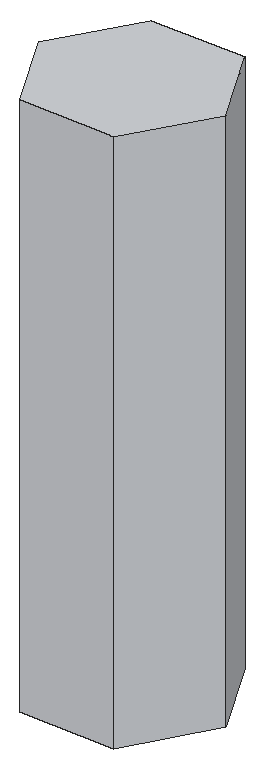
Revit family "$Player_Cat", category Generic Models, Revit 2020
Family settings
  Can host rebar = No
  Round Connector Dimension = Use Diameter
  Part Type = Normal
  Work Plane-Based = No
  Always vertical = Yes
  Cut with Voids When Loaded = No
  Shared = No
  Room Calculation Point = No
Parameters (values of type "SD")
  yes = 2 > 1  # yes
  show_standard [instance] = not(show_overweight)  # yes
  show_overweight [instance] = _property_is_overweight  # no
  no = not(yes)  # no
  _property_positionID = 17
  _property_name = "Peter"
  _property_luck = 50
  _property_is_overweight = no
  _property_hold_status = ""
  _property_hold_amount = 0
  _asset_tools = ""
  _asset_skills = ""
  _asset_money = 2400
  _asset_direction = 1
  Default Elevation = 0 mm
Reference planes
  plane 1 "Center (Front/Back)": y = 0
  plane 2: z = 0
  plane 3 "Center (Left/Right)": x = 0
Forms (mm)
  Extrusion 1, solid, visible <- "show_standard"
    sketch origin (0, 0, 0) x (1, 0, 0) y (0, 1, 0)
      loop
        line (300, 0) -> (150, 259.808) -> (-150, 259.808) -> (-300, 0) -> (-150, -259.808) -> (150, -259.808) -> (300, 0)
    from 0 to 1750
  Extrusion 2, solid, visible <- "show_overweight"
    sketch origin (0, 0, 0) x (1, 0, 0) y (0, 1, 0)
      loop
        line (500, 0) -> (250, 433.013) -> (-250, 433.013) -> (-500, 0) -> (-250, -433.013) -> (250, -433.013) -> (500, 0)
    from 0 to 1300
Dimensions and locks
  aligned and locked: plane 2 to level
  aligned and locked: plane 1 "Center (Front/Back)" to nested 1
  aligned and locked: plane 3 "Center (Left/Right)" to nested 1
Nested families
  nested 1: "NAME_SYMBOL" at (0, 0, 0), _property_name <- "_property_name", _property_positionID <- "_property_positionID", type "NAME_SYMBOL"
    with _property_positionID 17, _property_name "Peter"
Definition of nested family "NAME_SYMBOL"
  Parameters (values of type "NAME_SYMBOL")
    _property_positionID [instance] = 0
    _property_name [instance] = ""
  Reference planes
    plane 1: y = 0
    plane 2: x = 0
  Lines and regions (mm)
    detail lines
      curve 1: line (-15, -5, 0) -> (15, -5, 0)
      curve 2: line (-15, 5, 0) -> (-15, -5, 0)
      curve 3: line (15, 5, 0) -> (-15, 5, 0)
      curve 4: line (15, -5, 0) -> (15, 5, 0)
  Text (mm)
    label "A\npositionID = _property_positionID" at (0.077, 0.299, 0), shows "_property_name", "_property_positionID"
